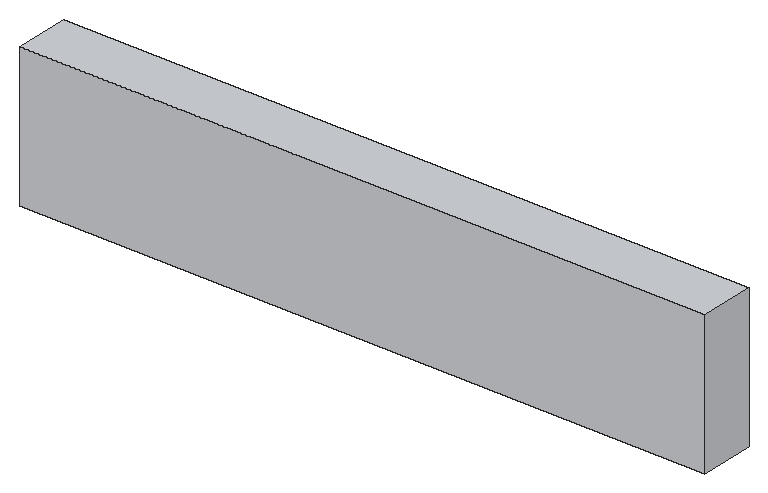
Revit family "Beam", category Structural Framing, Revit 2026
Family settings
  Display in Hidden Views = Edges Hidden by Other Members
  Section Shape = Not Defined
  Material for Model Behavior = Concrete
  Always export as geometry = No
  Always vertical = Yes
  Cut with Voids When Loaded = No
  Symbolic Representation = From Family
  Shared = No
  Show family pre-cut in plan views = Yes
Parameters (values of type "Beam 200x520")
  Width = 200 mm
  Length [instance] = 3000 mm
  Height = 520 mm
Types (13, lengths in mm): name | Width | Height
  Beam 240x650 | 240 | 650
  Beam 220x1100 | 220 | 1100
  Beam 300x600 | 300 | 600
  Beam 200x515 | 200 | 515
  Beam 220x480 | 220 | 480
  Beam 200x570 | 200 | 570
  Beam 200x420 | 200 | 420
  Beam 200x800 | 200 | 800
  Beam 250x600 | 250 | 600
  Beam 200x500 | 200 | 500
  Beam 200x520 | 200 | 520
  Beam 220x600 | 220 | 600
  Beam 200x800 Timber | 200 | 800
Reference planes
  plane 1 "Center (Front/Back)": y = 0
  plane 2 "Center Elevation": z = 0
  plane 3 "Center (Left/Right)": x = 0
  plane 4 "Left": x = -1500
  plane 5 "Member Left": x = -1250
  plane 6 "Stick Symbol Left": x = -1000
  plane 7 "Right": x = 1500
  plane 8 "Member Right": x = 1250
  plane 9 "Stick Symbol Right": x = 1000
  plane 10: y = 100
  plane 11: y = -100
  plane 12: z = 40
  plane 13: z = -260
Forms (mm)
  Extrusion 1, solid, detail levels medium+fine
    sketch origin (0, 0, -110) x (0, 1, 0) y (0, 0, 1)
      loop
        line (100, 370) -> (-100, 370) -> (-100, -150) -> (100, -150) -> (100, 370)
    from -1250 to 1250
Dimensions and locks
  equal spacing: plane 4 "Left", plane 3 "Center (Left/Right)", plane 7 "Right"
  "Length": plane 4 "Left" to plane 7 "Right"
  "Height": Extrusion 1 to Extrusion 1
  "Width": Extrusion 1 to Extrusion 1
  plane 1 "Center (Front/Back)" to Extrusion 1 sketch curve = 100 mm
  Extrusion 1 to level to Extrusion 1 = 260 mm, 260 mm
  aligned and locked: plane 10 to Extrusion 1 sketch curve
  aligned and locked: plane 13 to Extrusion 1 sketch curve
  aligned and locked: plane 5 "Member Left" to Extrusion 1
  aligned and locked: Extrusion 1 to plane 8 "Member Right"
  aligned and locked: level to plane 2 "Center Elevation"
Automatic sketch dimensions
  level to Extrusion 1 sketch curve = 260 mm
